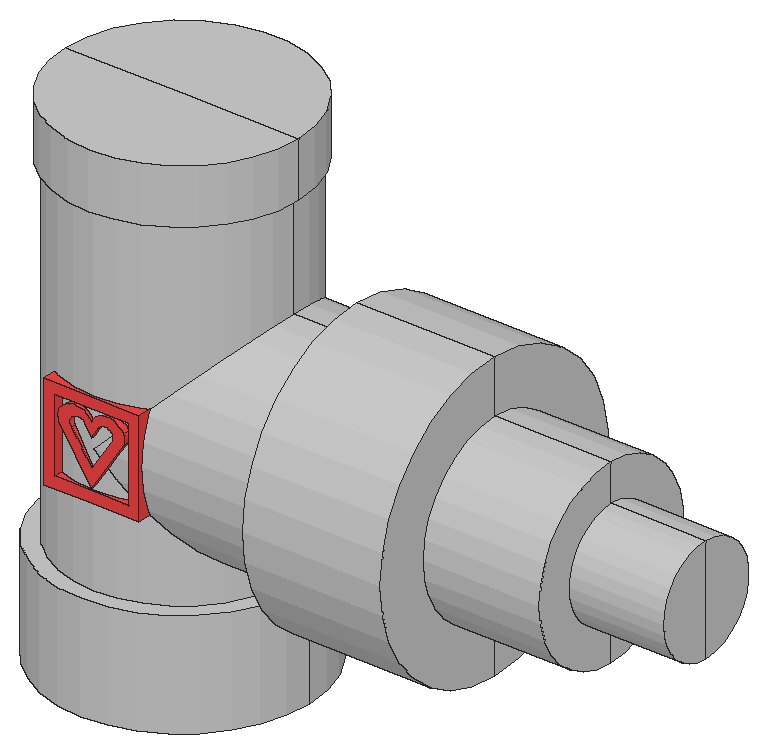
Revit family "RL-1 Return Valve Angle Model 3724", category Rohrzubehör, Revit 2021
Family settings
  Bemaßung runder Anschluss = Durchmesser verwenden
  Teiletyp = Unterbricht
  OmniClass-Nummer = 23.65.55.14
  OmniClass-Titel = Valves for Liquid Services
  Arbeitsebenenbasiert = Nein
  Immer vertikal = Nein
  Beim Laden mit Abzugskörper schneiden = Nein
  Gemeinsam genutzt = Nein
Parameters
  Vorgabe-Ansicht = 0.000 mm
  URL = "www.herzvalves.com"
  SCRNSEQ = "ARM;ARM_TYP=\"ALLF\";2"
  SCRNCODE = "05;01;02"  # constant formula
  S04 = 45.000 mm  # constant formula
  S03 [instance] = H02 - 5.000 mm + 41.000 mm  # 60.500 mm
  S02 [instance] = L04 + L03 - L02  # 25.500 mm
  S01 = 10.000 mm  # constant formula
  R06 = 11.000 mm  # constant formula
  Part number [instance] = size_lookup("3724_1_", "Artnr", 0, Nennweite)  # 1372440
  Nennweite [instance] = 10.000 mm
  Model = "All models are nickel-plated and are universal models with special socket for threaded pipe and compression union."
  Medium = "Hot water purity according to Austrian standard ÖNORM H 5195 and/or VDI guideline 2035."
  Max. operating temperature = 110 °C  # constant formula
  Max. operating pressure = 1000000.0 Pa  # constant formula
  LO1 [instance] = R01 - 0.500 mm  # 10.000 mm
  L04 [instance] = size_lookup("3724_1_", "L4", 1.000 mm, Nennweite)  # 20.000 mm
  L03 [instance] = size_lookup("3724_1_", "L3", 1.000 mm, Nennweite)  # 13.000 mm
  L02 [instance] = size_lookup("3724_1_", "L2", 1.000 mm, Nennweite)  # 7.500 mm
  L01 [instance] = size_lookup("3724_1_", "L1", 1.000 mm, Nennweite)  # 24.000 mm
  Hersteller = "HERZ Armaturen Ges.m.b.H."  # constant formula
  H05 = 5.200 mm  # constant formula
  H04 = 25.500 mm  # constant formula
  H03 [instance] = size_lookup("3724_1_", "H3", 1.000 mm, Nennweite)  # 10.000 mm
  H02 [instance] = 24.500 mm  # constant formula
  H01 [instance] = size_lookup("3724_1_", "H1", 1.000 mm, Nennweite)  # 22.000 mm
  Body = "nickel-plated"  # constant formula
  GT1 [instance] = size_lookup("3724_1_", "GT1", 1.000 mm, Nennweite)  # 9.000 mm
  GT [instance] = size_lookup("3724_1_", "GT", 1.000 mm, Nennweite)  # 9.500 mm
  G2 [instance] = Nennweite / 2  # 5.000 mm
  G1 [instance] = Nennweite / 2  # 5.000 mm
  R01 = 10.500 mm  # constant formula
  D05 [instance] = size_lookup("3724_1_", "D5", 1.000 mm, Nennweite)  # 8.500 mm
  D04 [instance] = size_lookup("3724_1_", "D4", 1.000 mm, Nennweite)  # 13.500 mm
  D03 [instance] = R01  # 10.500 mm
  D02 [instance] = size_lookup("3724_1_", "D2", 1.000 mm, Nennweite)  # 7.940 mm
  D01 [instance] = size_lookup("3724_1_", "D1", 1.000 mm, Nennweite)  # 12.000 mm
  Application = "Hot Water Heating Systems\r\nAfter installation of the return valve it is possible to close the radiator return connection.\r\nWhen the intake valve is closed simultaneously (0-position for thermostatic valves) it is possible to remove the radiator while the heating system remains under pressure.\r\nThus, it is possible to perform servicing operations and to work behind the radiator (wall-papering, laying tiles) without having to switch off the rest of the system.\r\nIf presetting of the return valve or filling and draining of the radiators or of the entire system through the return valve is required, we recommend using the HERZ-RL-5 return valve."
Reference planes
  plane 1 "Mitte (Vorne/hinten)": y = 0
  plane 2: z = 0
  plane 3 "Mitte (Links/rechts)": x = 0
Forms (mm)
  Revolve 1, solid, material "Messing, weicher Gelbton, geschweißt", detail levels fine
    sketch origin (0, 0, 0) x (1, 0, 0) y (0, 0, 1)
      loop
        line (0, 24.5) -> (-10.5, 24.5) -> (-10.5, -12) -> (-12, -12) -> (-12, -22) -> (-5, -22) -> (-5, -12.5) -> (0, -12.5) -> (0, 24.5)
      axis (0, 24.5) -> (0, -22)
    angle from 0 to 360
  Revolve 2, solid, material "Messing, weicher Gelbton, geschweißt", detail levels fine
    sketch origin (0, 0, 0) x (1, 0, 0) y (0, 0, 1)
      loop
        line (0, 0) -> (24, 0) -> (24, 7.94) -> (16.5, 7.94) -> (16.5, 10.5) -> (0, 10.5) -> (0, 0)
      axis (0, 0) -> (24, 0)
    angle from 0 to 360
  Revolve 3, solid, material "Messing, weicher Gelbton, geschweißt", detail levels fine
    sketch origin (-1, 0, 0) x (1, 0, 0) y (0, 0, 1)
      loop
        line (25, 0) -> (50.5, 0) -> (50.5, 5) -> (41.5, 5) -> (41.5, 8.5) -> (30.5, 8.5) -> (30.5, 13.5) -> (17.5, 13.5) -> (17.5, 7.94) -> (25, 7.94) -> (25, 0)
      axis (17.5, 0) -> (50.5, 0)
    angle from 0 to 360
  Revolve 4, solid, material "Messing, weicher Gelbton, geschweißt", detail levels fine
    sketch origin (0, 0, 0) x (1, 0, 0) y (0, 0, 1)
      loop
        line (0, 20.3) -> (11, 20.3) -> (11, 25.5) -> (0, 25.5) -> (0, 20.3)
      axis (0, 25.5) -> (0, 20.3)
    angle from 0 to 360
Lines and regions (mm)
  model lines, detail levels coarse+medium
    curve 1: line (0, 0, 0) -> (12, 0, -22)
    curve 2: line (12, 0, -22) -> (-12, 0, -22)
    curve 3: line (-12, 0, -22) -> (0, 0, 0)
    curve 4: line (0, 0, 0) -> (24, 0, 13.5)
    curve 5: line (24, 0, 13.5) -> (24, 0, -13.5)
    curve 6: line (24, 0, -13.5) -> (0, 0, 0)
    curve 7: line (24, 0, 13.5) -> (34, 0, 13.5)
    curve 8: line (34, 0, 13.5) -> (24, 0, 0)
    curve 9: line (24, 0, -13.5) -> (34, 0, -13.5)
    curve 10: line (34, 0, -13.5) -> (24, 0, 0)
    curve 11: line (24, 0, 0) -> (49.5, 0, 0)
    curve 12: line (0, 0, 0) -> (12, -22, 0)
    curve 13: line (12, -22, 0) -> (-12, -22, 0)
    curve 14: line (-12, -22, 0) -> (0, 0, 0)
    curve 15: line (0, 0, 0) -> (24, 13.5, 0)
    curve 16: line (24, 13.5, 0) -> (24, -13.5, 0)
    curve 17: line (24, -13.5, 0) -> (0, 0, 0)
    curve 18: line (24, 13.5, 0) -> (34, 13.5, 0)
    curve 19: line (34, 13.5, 0) -> (24, 0, 0)
    curve 20: line (24, -13.5, 0) -> (34, -13.5, 0)
    curve 21: line (24, 0, 0) -> (34, -13.5, 0)
Dimensions and locks
  "H02": Revolve 1 sketch curve to plane 2
  "H01": plane 2 to Revolve 1 sketch curve
  "R01": Revolve 1 sketch curve to Revolve 1 sketch curve
  "G1": Revolve 1 sketch curve to Revolve 1 sketch curve
  "D01": Revolve 1 sketch curve to Revolve 1 sketch curve
  "GT": Revolve 1 sketch curve to Revolve 1 sketch curve
  "H03": Revolve 1 sketch curve to Revolve 1 sketch curve
  "D02": Revolve 2 sketch curve to Revolve 2 sketch curve
  "D03": Revolve 2 sketch curve to Revolve 2 sketch curve
  "L01": Revolve 2 sketch curve to Revolve 2 sketch curve
  "L02": Revolve 2 sketch curve to Revolve 2 sketch curve
  "LO1": nested 1 to plane 1 "Mitte (Vorne/hinten)"
  "L02": Revolve 3 sketch curve to Revolve 3 sketch curve
  "L03": Revolve 3 sketch curve to Revolve 3 sketch curve
  "L04": Revolve 3 sketch curve to Revolve 3 sketch curve
  "D04": Revolve 3 sketch curve to Revolve 3 sketch curve
  "G2": Revolve 3 sketch curve to Revolve 3 sketch curve
  "D05": Revolve 3 sketch curve to Revolve 3 sketch curve
  "GT1": Revolve 3 sketch curve to Revolve 3 sketch curve
  "L01": plane 3 "Mitte (Links/rechts)" to Revolve 3 sketch curve
  "D02": Revolve 3 sketch curve to plane 2
  "H01": plane 2 to curve 2
  "L01": curve 5 to plane 3 "Mitte (Links/rechts)"
  "D01": curve 2 to plane 3 "Mitte (Links/rechts)" to curve 3
  "D04": curve 5 to plane 2 to curve 6
  "S01": curve 5 to curve 8
  "S01": curve 5 to curve 10
  "S02": curve 11 to curve 11
  "H01": curve 13 to plane 1 "Mitte (Vorne/hinten)"
  "D01": curve 14 to plane 3 "Mitte (Links/rechts)" to curve 13
  "L01": plane 3 "Mitte (Links/rechts)" to curve 16
  "D04": curve 17 to plane 1 "Mitte (Vorne/hinten)" to curve 16
  "S01": curve 16 to curve 19
  "S01": curve 16 to curve 21
  "R06": Revolve 4 sketch curve to Revolve 4 sketch curve
  "H04": Revolve 4 sketch curve to plane 2
  "H05": Revolve 4 sketch curve to Revolve 4 sketch curve
  aligned and locked: level to plane 2
Automatic sketch dimensions
  curve 4 to level = 0.000 mm
  curve 4 to plane 3 "Mitte (Links/rechts)" = 0.000 mm
  curve 11 to level = 0.000 mm
  curve 8 to level = 0.000 mm
  plane 1 "Mitte (Vorne/hinten)" to curve 14 = 0.000 mm
  curve 14 to plane 3 "Mitte (Links/rechts)" = 0.000 mm
  plane 1 "Mitte (Vorne/hinten)" to curve 19 = 0.000 mm
  Revolve 1 sketch curve to plane 3 "Mitte (Links/rechts)" = 0.000 mm  (x2)
  Revolve 1 sketch curve to Revolve 1 sketch curve = 345.545 mm
  Revolve 1 sketch curve to Revolve 1 sketch curve = 2189.815 mm
  Revolve 2 sketch curve to level = 0.000 mm  (x2)
  Revolve 2 sketch curve to plane 3 "Mitte (Links/rechts)" = 0.000 mm
  Revolve 2 sketch curve to plane 3 "Mitte (Links/rechts)" = 1506.530 mm
  Revolve 2 sketch curve to Revolve 2 sketch curve = 1815.148 mm
  Revolve 3 sketch curve to level = 0.000 mm  (x2)
  Revolve 3 sketch curve to plane 3 "Mitte (Links/rechts)" = 1507.530 mm
  Revolve 3 sketch curve to Revolve 3 sketch curve = 1789.648 mm
  Revolve 4 sketch curve to plane 3 "Mitte (Links/rechts)" = 0.000 mm  (x2)
  Revolve 4 sketch curve to level = 366.045 mm
  Revolve 4 sketch curve to Revolve 4 sketch curve = 2190.315 mm
Nested families
  nested 1: "Herz-Logo-vorne" at (0, -10, 0) x (0, -1, 0) z (0, 0, 1), type "Herz-Logo-vorne", detail levels fine
Connectors
  piping at (0, 0, -12.5), diameter 10, driven by "Nennweite"
    settings: on Revolve 1, index 1, connector inside diameter 609.6 mm, connector length 0.000 mm, flow factor 0, pipe flow 0.0 L/s, pressure drop 0.0 Pa, fitting loss kfactor 0, connector angle 0.00°, fixture units 0, engagement length 0.000 mm, angle of deflection 0.00°, flow configuration 0, flow direction 1, fitting loss method 0, system type 8, joint type 0, gender type 0, connector reference index -1, connector utility 0, adjustable connector no, is connector primary yes, connector description ""
  piping at (49.5, 0, 0), diameter 10, driven by "Nennweite"
    settings: on Revolve 3, index 2, connector inside diameter 609.6 mm, connector length 0.000 mm, flow factor 0, pipe flow 0.0 L/s, pressure drop 0.0 Pa, fitting loss kfactor 0, connector angle 0.00°, fixture units 0, engagement length 0.000 mm, angle of deflection 0.00°, flow configuration 0, flow direction 2, fitting loss method 0, system type 8, joint type 0, gender type 0, connector reference index -1, connector utility 0, adjustable connector no, is connector primary no, connector description ""
Definition of nested family "Herz-Logo-vorne"
  Parameters (values of type "Herz-Logo-vorne")
    Default Elevation = 0.000 mm
  Reference planes
    plane 1 "Mitte (Vorne/hinten)": y = 0
    plane 2: z = 0
    plane 3 "Mitte (Links/rechts)": x = 0
  Forms (mm)
    Extrusion 1, solid
      sketch origin (0.732, -0.018, 0.017) x (0, -1, 0) y (0, 0, 1)
        loop
          line (-0.018, -4.517) -> (4.482, -4.517) -> (4.482, 4.483) -> (-4.518, 4.483) -> (-4.518, -4.517) -> (-0.018, -4.517)
        loop
          line (-0.05, -3.48) -> (3.482, -3.48) -> (3.482, 3.483) -> (-3.518, 3.483) -> (-3.518, -3.48) -> (-0.05, -3.48)
        loop
          arc (-0.018, 2.383) -> (-1.543, 3.287) -> (-3.067, 2.383) r 1.738
          arc (-3.067, 2.383) -> (-3.191, 1.899) -> (-3.067, 1.415) r 1.009
          line (-3.067, 1.415) -> (-0.018, -3.281) -> (3.032, 1.415)
          arc (3.032, 1.415) -> (3.156, 1.899) -> (3.032, 2.383) r 1.009
          arc (3.032, 2.383) -> (1.507, 3.287) -> (-0.018, 2.383) r 1.738
        loop
          arc (1.885, 1.272) -> (2.005, 1.675) -> (1.885, 2.079) r 0.74
          arc (1.885, 2.079) -> (1.265, 2.416) -> (0.644, 2.079) r 0.74
          line (0.644, 2.079) -> (-0.018, 0.97) -> (-0.679, 2.079)
          arc (-0.679, 2.079) -> (-1.3, 2.416) -> (-1.921, 2.079) r 0.74
          arc (-1.921, 2.079) -> (-2.04, 1.675) -> (-1.921, 1.272) r 0.74
          line (-1.921, 1.272) -> (-0.018, -1.658) -> (1.885, 1.272)
      from 0 to 1.5
  Dimensions and locks
    aligned and locked: level to plane 2
